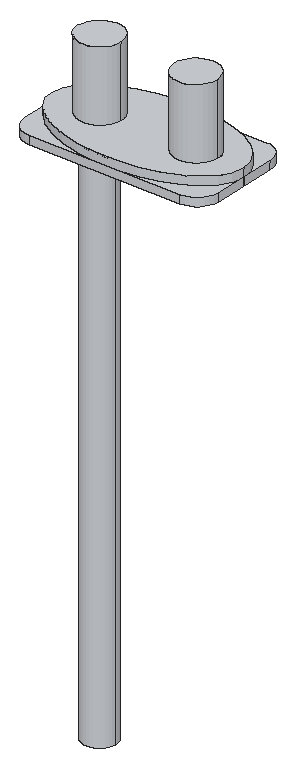
Revit family "Prier C-634", category Plumbing Fixtures, host Face, Revit 2012
Parameters (values of type "3/4" Inlet")
  Waste Connection = no
  Vent Connection = no
  URL = "http://www.prier.com/content/spec-sheets.html"
  Type Comments = if(Satin Nickel Plated, "Satin Nickel Plated", if(Rough Brass, "Rough Brass", "Custom"))  # "Satin Nickel Plated"
  Satin Nickel Plated = yes
  Rough Brass = no
  Outlet Size [instance] = 1"
  Outlet Radius [instance] = Outlet Size / 2  # 0' - 0 1/2"
  Model = "C-634"
  Manufacturer = "Prier"
  Inlet Radius = Inlet Size / 2  # 0' - 0 3/8"
  Inlet Size = 3/4"
  Hydrant Length [instance] = 1' - 0"
  HW Connection = no
  Default Elevation = 2' - 0"
  Custom = no
  Code Standards = "ASSE 1019, ASSE 1052, & CUPC"
  Code Listings = "ASSE. CUPC, & IAPMO"
  CW Connection = yes
Types (3): name | Inlet Radius | Inlet Size
  (no name) | 0' - 0 3/8" | 3/4"
  3/4" Inlet | 0' - 0 3/8" | 3/4"
  1" Inlet | 0' - 0 1/2" | 1"
Reference planes (in)
  plane 1 "Center (Front/Back)": y = 0
  plane 2: z = 0
  plane 3 "Center (Left/Right)": x = 0
  plane 4 "Hydrant Length": z = -12
  plane 5 "End of Threads": z = -12.75
  plane 6: z = 1.57812
  plane 7: z = 1.625
  plane 8: z = 1.67187
  plane 9: z = 1.71875
  plane 10: z = 1.76562
  plane 11: z = 1.8125
  plane 12: z = 1.85937
  plane 13: z = 1.90625
  plane 14: z = 1.95312
Forms (in)
  Extrusion 1, solid
    sketch origin (0, 0, 0) x (1, 0, 0) y (0, 1, 0)
      loop
        arc (-1.75, 1.25) -> (-2.10355, 1.10355) -> (-2.25, 0.75) r 0.5
        line (-2.25, 0.75) -> (-2.25, -0.75)
        arc (-2.25, -0.75) -> (-2.10355, -1.10355) -> (-1.75, -1.25) r 0.5
        line (-1.75, -1.25) -> (1.75, -1.25)
        arc (1.75, -1.25) -> (2.10355, -1.10355) -> (2.25, -0.75) r 0.5
        line (2.25, -0.75) -> (2.25, 0.75)
        arc (2.25, 0.75) -> (2.10355, 1.10355) -> (1.75, 1.25) r 0.5
        line (1.75, 1.25) -> (-1.75, 1.25)
    from 0 to 0.187
  Extrusion 2, solid
    sketch origin (0, 0, 0) x (1, 0, 0) y (0, 1, 0)
      loop
        circle (-1.125, 0) r 0.5
      loop
        circle (1.125, 0) r 0.5
    from 0 to 2
  Extrusion 3, solid
    sketch origin (0, 0, -2.25) x (-1, 0, 0) y (0, -1, 0)
      loop
        circle (1.125, 0) r 0.375
    from 2.25 to -10.5
  Extrusion 4, solid
    sketch origin (0.75, 0.25, 0) x (1, 0, 0) y (0, 1, 0)
      loop
        spline (-3, -0.25) -> (-2.92333, -0.57352) -> (-2.69856, -0.875) -> (-2.34099, -1.13388) -> (-1.875, -1.33253) -> (-1.33234, -1.45741) -> (-0.75, -1.5) -> (-0.16766, -1.45741) -> (0.375, -1.33253) -> (0.84099, -1.13388) -> (1.19856, -0.875) -> (1.42333, -0.57352) -> (1.5, -0.25)
        spline (1.5, -0.25) -> (1.42333, 0.07352) -> (1.19856, 0.375) -> (0.84099, 0.63388) -> (0.375, 0.83253) -> (-0.16766, 0.95741) -> (-0.75, 1) -> (-1.33234, 0.95741) -> (-1.875, 0.83253) -> (-2.34099, 0.63388) -> (-2.69856, 0.375) -> (-2.92333, 0.07352) -> (-3, -0.25)
    from 0 to 0.375
Lines and regions (in)
  symbolic lines, style "PlumbingFixtures", detail levels fine
    curve 1: line (-1.5, 0, 0) -> (-1.5, 0, -12.75)
    curve 2: line (-1.5, 0, -12.75) -> (-0.75, 0, -12.75)
    curve 3: line (-0.75, 0, -12.75) -> (-0.75, 0, 0)
    curve 17: line (2.25, 0, 0) -> (2.25, 0, 0.375)
    curve 18: line (-2.25, 0, 0) -> (-2.25, 0, 0.375)
    curve 19: line (-2.25, 0, 0.375) -> (2.25, 0, 0.375)
    curve 20: line (-2.25, 0, 0) -> (2.25, 0, 0)
    curve 21: line (-0.625, 0, 0.375) -> (-0.625, 0, 2)
    curve 22: line (-1.625, 0, 0.375) -> (-1.625, 0, 2)
    curve 23: line (-1.625, 0, 2) -> (-0.625, 0, 2)
    curve 24: line (0.625, 0, 0.375) -> (0.625, 0, 2)
    curve 25: line (1.625, 0, 0.375) -> (1.625, 0, 2)
    curve 26: line (1.625, 0, 2) -> (0.625, 0, 2)
  symbolic lines, detail levels coarse+medium
    curve 4: line (-1.125, 0, 9.30462) -> (-1.125, 0, 0)
    curve 5: line (-3.375, 0, 6.6875) -> (1.125, 0, 6.6875)
    curve 7: line (-1.125, 0, -12.75) -> (-1.125, 0, 0)
  symbolic lines, not visible, detail levels coarse+medium
    curve 6: line (2.25, 6.90231, 0) -> (2.25, 2.40231, 0)
  model lines, detail levels fine
    curve 8: circle (1.125, 0, 1.57812) r 0.5 normal (0, 0, 1)
    curve 9: circle (1.125, 0, 1.625) r 0.5 normal (0, 0, 1)
    curve 10: circle (1.125, 0, 1.67187) r 0.5 normal (0, 0, 1)
    curve 11: circle (1.125, 0, 1.71875) r 0.5 normal (0, 0, 1)
    curve 12: circle (1.125, 0, 1.76562) r 0.5 normal (0, 0, 1)
    curve 13: circle (1.125, 0, 1.8125) r 0.5 normal (0, 0, 1)
    curve 14: circle (1.125, 0, 1.85937) r 0.5 normal (0, 0, 1)
    curve 15: circle (1.125, 0, 1.90625) r 0.5 normal (0, 0, 1)
    curve 16: circle (1.125, 0, 1.95312) r 0.5 normal (0, 0, 1)
  reference lines
    curve 27: line (1.125, 0, 2.13356) -> (1.125, 0, 2.28799)
Dimensions and locks (in)
  locked: plane 4 "Hydrant Length" to plane 5 "End of Threads" at 0.75
  "Hydrant Length": plane 2 to plane 4 "Hydrant Length"
  "Outlet Radius": curve 25 to curve 27
  locked: curve 27 to plane 3 "Center (Left/Right)" at 1.125
  "Outlet Radius": curve 27 to curve 24
  "Inlet Radius": curve 3 to curve 4
  "Inlet Radius": curve 1 to curve 4
  "Inlet Radius": radius of Extrusion 3 sketch curve
  radius of Extrusion 2 sketch curve = 0' - 0 1/2"
  "Outlet Radius": radius of Extrusion 2 sketch curve
  "Outlet Radius": radius of curve 8
  "Outlet Radius": radius of curve 9
  "Outlet Radius": radius of curve 10
  "Outlet Radius": radius of curve 11
  "Outlet Radius": radius of curve 12
  "Outlet Radius": radius of curve 13
  "Outlet Radius": radius of curve 14
  "Outlet Radius": radius of curve 15
  "Outlet Radius": radius of curve 16
  aligned and locked: plane 2 to host face
  aligned and locked: level to host face
  aligned and locked: Extrusion 1 to level
  aligned and locked: plane 1 "Center (Front/Back)" to Extrusion 3 sketch curve
  aligned and locked: Extrusion 3 to plane 5 "End of Threads"
  aligned and locked: curve 2 to plane 5 "End of Threads"
  aligned and locked: plane 5 "End of Threads" to curve 7
  aligned and locked: Extrusion 2 to plane 2
  aligned and locked: plane 2 to Extrusion 3
  aligned and locked: plane 2 to curve 3
  aligned and locked: plane 3 "Center (Left/Right)" to Extrusion 4 sketch curve
  aligned and locked: plane 1 "Center (Front/Back)" to Extrusion 4 sketch curve
  aligned and locked: plane 1 "Center (Front/Back)" to Extrusion 2 sketch curve
  aligned and locked: level to curve 17
  aligned and locked: curve 17 to Extrusion 1
  aligned and locked: curve 17 to Extrusion 4
  aligned and locked: curve 19 to Extrusion 4
  aligned and locked: curve 23 to Extrusion 2
  aligned and locked: curve 7 to curve 4
Automatic sketch dimensions
  curve 5 to curve 4 = 0' - 2 1/4"
  curve 4 to curve 5 = 0' - 2 1/4"
  curve 5 to curve 4 = 0' - 2.61712"
  curve 4 to curve 5 = 0' - 6 11/16"
  host sketch curve to host sketch curve = 0' - 7.38617"
  host sketch curve to host sketch curve = 0' - 6.70795"
  Extrusion 1 sketch curve to plane 1 "Center (Front/Back)" = 0' - 0 3/4"
  Extrusion 1 sketch curve to plane 3 "Center (Left/Right)" = 0' - 2 1/4"
  Extrusion 1 sketch curve to Extrusion 1 sketch curve = 0' - 0 1/2"  (x3)
  plane 3 "Center (Left/Right)" to Extrusion 1 sketch curve = 0' - 1 3/4"  (x2)
  plane 1 "Center (Front/Back)" to Extrusion 1 sketch curve = 0' - 0 3/4"
  plane 1 "Center (Front/Back)" to Extrusion 2 sketch curve = 0' - 0"
  Extrusion 2 sketch curve to plane 3 "Center (Left/Right)" = 0' - 1 1/8"
  plane 3 "Center (Left/Right)" to Extrusion 2 sketch curve = 0' - 1 1/8"
  Extrusion 3 sketch curve to plane 3 "Center (Left/Right)" = 0' - 1 1/8"
  Extrusion 4 sketch curve to plane 3 "Center (Left/Right)" = 0' - 2 1/4"
  plane 1 "Center (Front/Back)" to curve 8 = 0' - 0"
  plane 3 "Center (Left/Right)" to curve 8 = 0' - 1 1/8"
  plane 1 "Center (Front/Back)" to curve 9 = 0' - 0"
  plane 3 "Center (Left/Right)" to curve 9 = 0' - 1 1/8"
  plane 1 "Center (Front/Back)" to curve 10 = 0' - 0"
  plane 3 "Center (Left/Right)" to curve 10 = 0' - 1 1/8"
  plane 1 "Center (Front/Back)" to curve 11 = 0' - 0"
  plane 3 "Center (Left/Right)" to curve 11 = 0' - 1 1/8"
  plane 1 "Center (Front/Back)" to curve 12 = 0' - 0"
  plane 3 "Center (Left/Right)" to curve 12 = 0' - 1 1/8"
  plane 1 "Center (Front/Back)" to curve 13 = 0' - 0"
  plane 3 "Center (Left/Right)" to curve 13 = 0' - 1 1/8"
  plane 1 "Center (Front/Back)" to curve 14 = 0' - 0"
  plane 3 "Center (Left/Right)" to curve 14 = 0' - 1 1/8"
  plane 1 "Center (Front/Back)" to curve 15 = 0' - 0"
  plane 3 "Center (Left/Right)" to curve 15 = 0' - 1 1/8"
  plane 1 "Center (Front/Back)" to curve 16 = 0' - 0"
  plane 3 "Center (Left/Right)" to curve 16 = 0' - 1 1/8"
  plane 14 to curve 27 = 0' - 0.33487"
  curve 27 to curve 27 = 0' - 0.15443"
  curve 23 to plane 3 "Center (Left/Right)" = 0' - 1 5/8"
  curve 3 to curve 21 = 0' - 0 1/8"
  plane 14 to curve 24 = 0' - 0 3/64"
Connectors (in)
  piping at (-1.125, 0, -12.75), driven by "Inlet Radius"
    settings: on Extrusion 3, index 1, connector radius 3/8", flow factor 0, pipe flow 0 GPM, pressure drop 0.00 psi, fitting loss kfactor 0, connector angle 0.00°, fixture units 0, engagement length 0' - 0", flow configuration 0, flow direction 1, fitting loss method 0, system type 20, joint type 0, gender type 0, connector reference index -1, connector utility 0, adjustable connector no, is connector primary yes, fitting loss table "", connector description "Cold Water Inlet"
